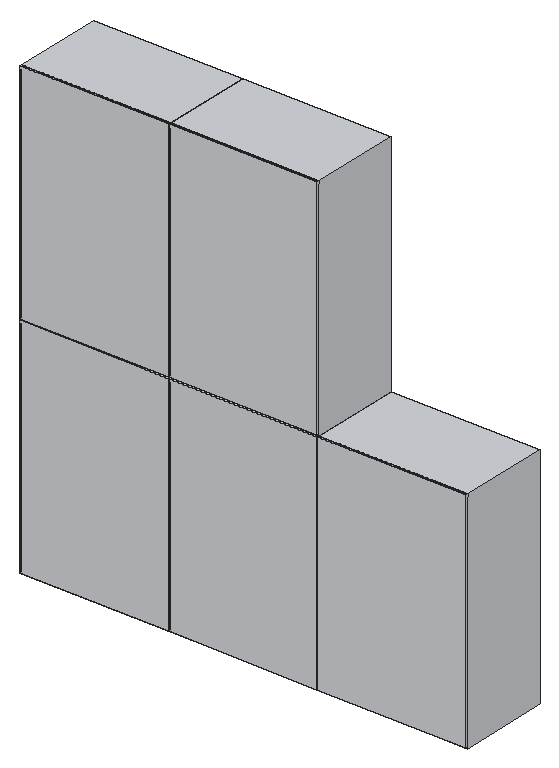
Revit family "LSN Configuration-D", category Electrical Equipment, host Face, Revit 2021 (continued)
Definition of nested family "LSN-1"
  Definition of nested family "Door"
    Lines and regions (in)
      model lines
        curve 475: line (-5.25396, -0.5, 38.43688) -> (-5.50396, -0.5, 38.43688)
        curve 476: line (-5.25396, -0.5, 41.43688) -> (-5.25396, -0.5, 38.43688)
        curve 477: line (-4.93764, -0.5, 41.43688) -> (-4.68764, -0.5, 41.43688)
        curve 478: line (-4.93764, -0.5, 38.43688) -> (-4.93764, -0.5, 41.43688)
        curve 479: line (-4.68764, -0.5, 38.43688) -> (-4.93764, -0.5, 38.43688)
        curve 480: line (-4.68764, -0.5, 41.43688) -> (-4.68764, -0.5, 38.43688)
        curve 481: line (-4.37131, -0.5, 41.43688) -> (-4.12131, -0.5, 41.43688)
        curve 482: line (-4.37131, -0.5, 38.43688) -> (-4.37131, -0.5, 41.43688)
        curve 483: line (-4.12131, -0.5, 38.43688) -> (-4.37131, -0.5, 38.43688)
        curve 484: line (-4.12131, -0.5, 41.43688) -> (-4.12131, -0.5, 38.43688)
        curve 485: line (-3.80498, -0.5, 41.43688) -> (-3.55498, -0.5, 41.43688)
        curve 486: line (-3.80498, -0.5, 38.43688) -> (-3.80498, -0.5, 41.43688)
        curve 487: line (-3.55498, -0.5, 38.43688) -> (-3.80498, -0.5, 38.43688)
        curve 488: line (-3.55498, -0.5, 41.43688) -> (-3.55498, -0.5, 38.43688)
        curve 489: line (-3.23866, -0.5, 41.43688) -> (-2.98866, -0.5, 41.43688)
        curve 490: line (-3.23866, -0.5, 38.43688) -> (-3.23866, -0.5, 41.43688)
        curve 491: line (-2.98866, -0.5, 38.43688) -> (-3.23866, -0.5, 38.43688)
        curve 492: line (-2.98866, -0.5, 41.43688) -> (-2.98866, -0.5, 38.43688)
        curve 493: line (-2.67233, -0.5, 41.43688) -> (-2.42233, -0.5, 41.43688)
        curve 494: line (-2.67233, -0.5, 38.43688) -> (-2.67233, -0.5, 41.43688)
        curve 495: line (-2.42233, -0.5, 38.43688) -> (-2.67233, -0.5, 38.43688)
        curve 496: line (-2.42233, -0.5, 41.43688) -> (-2.42233, -0.5, 38.43688)
        curve 497: line (-2.106, -0.5, 41.43688) -> (-1.856, -0.5, 41.43688)
        curve 498: line (-2.106, -0.5, 38.43688) -> (-2.106, -0.5, 41.43688)
        curve 499: line (-1.856, -0.5, 38.43688) -> (-2.106, -0.5, 38.43688)
        curve 500: line (-1.856, -0.5, 41.43688) -> (-1.856, -0.5, 38.43688)
        curve 501: line (-1.53968, -0.5, 41.43688) -> (-1.28968, -0.5, 41.43688)
        curve 502: line (-1.53968, -0.5, 38.43688) -> (-1.53968, -0.5, 41.43688)
        curve 503: line (-1.28968, -0.5, 38.43688) -> (-1.53968, -0.5, 38.43688)
        curve 504: line (-1.28968, -0.5, 41.43688) -> (-1.28968, -0.5, 38.43688)
        curve 505: line (-0.97335, -0.5, 41.43688) -> (-0.72335, -0.5, 41.43688)
        curve 506: line (-0.97335, -0.5, 38.43688) -> (-0.97335, -0.5, 41.43688)
        curve 507: line (-0.72335, -0.5, 38.43688) -> (-0.97335, -0.5, 38.43688)
        curve 508: line (-0.72335, -0.5, 41.43688) -> (-0.72335, -0.5, 38.43688)
        curve 509: line (-0.40702, -0.5, 41.43688) -> (-0.15702, -0.5, 41.43688)
        curve 510: line (-0.40702, -0.5, 38.43688) -> (-0.40702, -0.5, 41.43688)
        curve 511: line (-0.15702, -0.5, 38.43688) -> (-0.40702, -0.5, 38.43688)
        curve 512: line (-0.15702, -0.5, 41.43688) -> (-0.15702, -0.5, 38.43688)
        curve 513: line (0.1593, -0.5, 41.43688) -> (0.4093, -0.5, 41.43688)
        curve 514: line (0.1593, -0.5, 38.43688) -> (0.1593, -0.5, 41.43688)
        curve 515: line (0.4093, -0.5, 38.43688) -> (0.1593, -0.5, 38.43688)
        curve 516: line (0.4093, -0.5, 41.43688) -> (0.4093, -0.5, 38.43688)
        curve 517: line (0.72563, -0.5, 41.43688) -> (0.97563, -0.5, 41.43688)
        curve 518: line (0.72563, -0.5, 38.43688) -> (0.72563, -0.5, 41.43688)
        curve 519: line (0.97563, -0.5, 38.43688) -> (0.72563, -0.5, 38.43688)
        curve 520: line (0.97563, -0.5, 41.43688) -> (0.97563, -0.5, 38.43688)
        curve 521: line (1.29196, -0.5, 41.43688) -> (1.54196, -0.5, 41.43688)
        curve 522: line (1.29196, -0.5, 38.43688) -> (1.29196, -0.5, 41.43688)
        curve 523: line (1.54196, -0.5, 38.43688) -> (1.29196, -0.5, 38.43688)
        curve 524: line (1.54196, -0.5, 41.43688) -> (1.54196, -0.5, 38.43688)
        curve 525: line (1.85828, -0.5, 41.43688) -> (2.10828, -0.5, 41.43688)
        curve 526: line (1.85828, -0.5, 38.43688) -> (1.85828, -0.5, 41.43688)
        curve 527: line (2.10828, -0.5, 38.43688) -> (1.85828, -0.5, 38.43688)
        curve 528: line (2.10828, -0.5, 41.43688) -> (2.10828, -0.5, 38.43688)
        curve 529: line (2.42461, -0.5, 41.43688) -> (2.67461, -0.5, 41.43688)
        curve 530: line (2.42461, -0.5, 38.43688) -> (2.42461, -0.5, 41.43688)
        curve 531: line (2.67461, -0.5, 38.43688) -> (2.42461, -0.5, 38.43688)
        curve 532: line (2.67461, -0.5, 41.43688) -> (2.67461, -0.5, 38.43688)
        curve 533: line (2.99094, -0.5, 41.43688) -> (3.24094, -0.5, 41.43688)
        curve 534: line (2.99094, -0.5, 38.43688) -> (2.99094, -0.5, 41.43688)
        curve 535: line (3.24094, -0.5, 38.43688) -> (2.99094, -0.5, 38.43688)
        curve 536: line (3.24094, -0.5, 41.43688) -> (3.24094, -0.5, 38.43688)
        curve 537: line (3.55726, -0.5, 41.43688) -> (3.80726, -0.5, 41.43688)
        curve 538: line (3.55726, -0.5, 38.43688) -> (3.55726, -0.5, 41.43688)
        curve 539: line (3.80726, -0.5, 38.43688) -> (3.55726, -0.5, 38.43688)
        curve 540: line (3.80726, -0.5, 41.43688) -> (3.80726, -0.5, 38.43688)
        curve 541: line (4.12359, -0.5, 41.43688) -> (4.37359, -0.5, 41.43688)
        curve 542: line (4.12359, -0.5, 38.43688) -> (4.12359, -0.5, 41.43688)
        curve 543: line (4.37359, -0.5, 38.43688) -> (4.12359, -0.5, 38.43688)
        curve 544: line (4.37359, -0.5, 41.43688) -> (4.37359, -0.5, 38.43688)
        curve 545: line (4.68992, -0.5, 41.43688) -> (4.93992, -0.5, 41.43688)
        curve 546: line (4.68992, -0.5, 38.43688) -> (4.68992, -0.5, 41.43688)
        curve 547: line (4.93992, -0.5, 38.43688) -> (4.68992, -0.5, 38.43688)
        curve 548: line (4.93992, -0.5, 41.43688) -> (4.93992, -0.5, 38.43688)
        curve 549: line (5.25624, -0.5, 41.43688) -> (5.50624, -0.5, 41.43688)
        curve 550: line (5.25624, -0.5, 38.43688) -> (5.25624, -0.5, 41.43688)
        curve 551: line (5.50624, -0.5, 38.43688) -> (5.25624, -0.5, 38.43688)
        curve 552: line (5.50624, -0.5, 41.43688) -> (5.50624, -0.5, 38.43688)
        curve 553: line (5.82257, -0.5, 41.43688) -> (6.07257, -0.5, 41.43688)
        curve 554: line (5.82257, -0.5, 38.43688) -> (5.82257, -0.5, 41.43688)
        curve 555: line (6.07257, -0.5, 38.43688) -> (5.82257, -0.5, 38.43688)
        curve 556: line (6.07257, -0.5, 41.43688) -> (6.07257, -0.5, 38.43688)
        curve 557: line (6.3889, -0.5, 41.43688) -> (6.6389, -0.5, 41.43688)
        curve 558: line (6.3889, -0.5, 38.43688) -> (6.3889, -0.5, 41.43688)
        curve 559: line (6.6389, -0.5, 38.43688) -> (6.3889, -0.5, 38.43688)
        curve 560: line (6.6389, -0.5, 41.43688) -> (6.6389, -0.5, 38.43688)
        curve 561: line (6.95522, -0.5, 41.43688) -> (7.20522, -0.5, 41.43688)
        curve 562: line (6.95522, -0.5, 38.43688) -> (6.95522, -0.5, 41.43688)
        curve 563: line (7.20522, -0.5, 38.43688) -> (6.95522, -0.5, 38.43688)
        curve 564: line (7.20522, -0.5, 41.43688) -> (7.20522, -0.5, 38.43688)
        curve 565: line (7.52155, -0.5, 41.43688) -> (7.77155, -0.5, 41.43688)
        curve 566: line (7.52155, -0.5, 38.43688) -> (7.52155, -0.5, 41.43688)
        curve 567: line (7.77155, -0.5, 38.43688) -> (7.52155, -0.5, 38.43688)
        curve 568: line (7.77155, -0.5, 41.43688) -> (7.77155, -0.5, 38.43688)
        curve 569: line (8.08788, -0.5, 41.43688) -> (8.33788, -0.5, 41.43688)
        curve 570: line (8.08788, -0.5, 38.43688) -> (8.08788, -0.5, 41.43688)
        curve 571: line (8.33788, -0.5, 38.43688) -> (8.08788, -0.5, 38.43688)
        curve 572: line (8.33788, -0.5, 41.43688) -> (8.33788, -0.5, 38.43688)
        curve 573: line (8.6542, -0.5, 41.43688) -> (8.9042, -0.5, 41.43688)
        curve 574: line (8.6542, -0.5, 38.43688) -> (8.6542, -0.5, 41.43688)
        curve 575: line (8.9042, -0.5, 38.43688) -> (8.6542, -0.5, 38.43688)
        curve 576: line (8.9042, -0.5, 41.43688) -> (8.9042, -0.5, 38.43688)
        curve 577: line (9.22053, -0.5, 41.43688) -> (9.47053, -0.5, 41.43688)
        curve 578: line (9.22053, -0.5, 38.43688) -> (9.22053, -0.5, 41.43688)
        curve 579: line (9.47053, -0.5, 38.43688) -> (9.22053, -0.5, 38.43688)
        curve 580: line (9.47053, -0.5, 41.43688) -> (9.47053, -0.5, 38.43688)
        curve 581: line (9.78685, -0.5, 41.43688) -> (10.03685, -0.5, 41.43688)
        curve 582: line (9.78685, -0.5, 38.43688) -> (9.78685, -0.5, 41.43688)
        curve 583: line (10.03685, -0.5, 38.43688) -> (9.78685, -0.5, 38.43688)
        curve 584: line (10.03685, -0.5, 41.43688) -> (10.03685, -0.5, 38.43688)
        curve 585: line (10.35318, -0.5, 41.43688) -> (10.60318, -0.5, 41.43688)
        curve 586: line (10.35318, -0.5, 38.43688) -> (10.35318, -0.5, 41.43688)
        curve 587: line (10.60318, -0.5, 38.43688) -> (10.35318, -0.5, 38.43688)
        curve 588: line (10.60318, -0.5, 41.43688) -> (10.60318, -0.5, 38.43688)
        curve 589: line (10.91951, -0.5, 41.43688) -> (11.16951, -0.5, 41.43688)
        curve 590: line (10.91951, -0.5, 38.43688) -> (10.91951, -0.5, 41.43688)
        curve 591: line (11.16951, -0.5, 38.43688) -> (10.91951, -0.5, 38.43688)
        curve 592: line (11.16951, -0.5, 41.43688) -> (11.16951, -0.5, 38.43688)
        curve 593: line (11.48583, -0.5, 41.43688) -> (11.73583, -0.5, 41.43688)
        curve 594: line (11.48583, -0.5, 38.43688) -> (11.48583, -0.5, 41.43688)
        curve 595: line (11.73583, -0.5, 38.43688) -> (11.48583, -0.5, 38.43688)
        curve 596: line (11.73583, -0.5, 41.43688) -> (11.73583, -0.5, 38.43688)
        curve 597: line (12.05216, -0.5, 41.43688) -> (12.30216, -0.5, 41.43688)
        curve 598: line (12.05216, -0.5, 38.43688) -> (12.05216, -0.5, 41.43688)
        curve 599: line (12.30216, -0.5, 38.43688) -> (12.05216, -0.5, 38.43688)
        curve 600: line (12.30216, -0.5, 41.43688) -> (12.30216, -0.5, 38.43688)
        curve 601: line (12.61849, -0.5, 41.43688) -> (12.86849, -0.5, 41.43688)
        curve 602: line (12.61849, -0.5, 38.43688) -> (12.61849, -0.5, 41.43688)
        curve 603: line (12.86849, -0.5, 38.43688) -> (12.61849, -0.5, 38.43688)
        curve 604: line (12.86849, -0.5, 41.43688) -> (12.86849, -0.5, 38.43688)
        curve 605: line (13.18481, -0.5, 41.43688) -> (13.43481, -0.5, 41.43688)
        curve 606: line (13.18481, -0.5, 38.43688) -> (13.18481, -0.5, 41.43688)
        curve 607: line (13.43481, -0.5, 38.43688) -> (13.18481, -0.5, 38.43688)
        curve 608: line (13.43481, -0.5, 41.43688) -> (13.43481, -0.5, 38.43688)
        curve 609: line (-13.99886, -0.5, 44.81188) -> (-13.74886, -0.5, 44.81188)
        curve 610: line (-13.99886, -0.5, 41.81188) -> (-13.99886, -0.5, 44.81188)
        curve 611: line (-13.74886, -0.5, 41.81188) -> (-13.99886, -0.5, 41.81188)
        curve 612: line (-13.74886, -0.5, 44.81188) -> (-13.74886, -0.5, 41.81188)
        curve 613: line (13.75114, -0.5, 44.81188) -> (14.00114, -0.5, 44.81188)
        curve 614: line (13.75114, -0.5, 41.81188) -> (13.75114, -0.5, 44.81188)
        curve 615: line (14.00114, -0.5, 41.81188) -> (13.75114, -0.5, 41.81188)
        curve 616: line (14.00114, -0.5, 44.81188) -> (14.00114, -0.5, 41.81188)
        curve 617: line (-13.43253, -0.5, 44.81188) -> (-13.18253, -0.5, 44.81188)
        curve 618: line (-13.43253, -0.5, 41.81188) -> (-13.43253, -0.5, 44.81188)
        curve 619: line (-13.18253, -0.5, 41.81188) -> (-13.43253, -0.5, 41.81188)
        curve 620: line (-13.18253, -0.5, 44.81188) -> (-13.18253, -0.5, 41.81188)
        curve 621: line (-12.86621, -0.5, 44.81188) -> (-12.61621, -0.5, 44.81188)
        curve 622: line (-12.86621, -0.5, 41.81188) -> (-12.86621, -0.5, 44.81188)
        curve 623: line (-12.61621, -0.5, 41.81188) -> (-12.86621, -0.5, 41.81188)
        curve 624: line (-12.61621, -0.5, 44.81188) -> (-12.61621, -0.5, 41.81188)
        curve 625: line (-12.29988, -0.5, 44.81188) -> (-12.04988, -0.5, 44.81188)
        curve 626: line (-12.29988, -0.5, 41.81188) -> (-12.29988, -0.5, 44.81188)
        curve 627: line (-12.04988, -0.5, 41.81188) -> (-12.29988, -0.5, 41.81188)
        curve 628: line (-12.04988, -0.5, 44.81188) -> (-12.04988, -0.5, 41.81188)
        curve 629: line (-11.73355, -0.5, 44.81188) -> (-11.48355, -0.5, 44.81188)
        curve 630: line (-11.73355, -0.5, 41.81188) -> (-11.73355, -0.5, 44.81188)
        curve 631: line (-11.48355, -0.5, 41.81188) -> (-11.73355, -0.5, 41.81188)
        curve 632: line (-11.48355, -0.5, 44.81188) -> (-11.48355, -0.5, 41.81188)
        curve 633: line (-11.16723, -0.5, 44.81188) -> (-10.91723, -0.5, 44.81188)
        curve 634: line (-11.16723, -0.5, 41.81188) -> (-11.16723, -0.5, 44.81188)
        curve 635: line (-10.91723, -0.5, 41.81188) -> (-11.16723, -0.5, 41.81188)
        curve 636: line (-10.91723, -0.5, 44.81188) -> (-10.91723, -0.5, 41.81188)
        curve 637: line (-10.6009, -0.5, 44.81188) -> (-10.3509, -0.5, 44.81188)
        curve 638: line (-10.6009, -0.5, 41.81188) -> (-10.6009, -0.5, 44.81188)
        curve 639: line (-10.3509, -0.5, 41.81188) -> (-10.6009, -0.5, 41.81188)
        curve 640: line (-10.3509, -0.5, 44.81188) -> (-10.3509, -0.5, 41.81188)
        curve 641: line (-10.03457, -0.5, 44.81188) -> (-9.78457, -0.5, 44.81188)
        curve 642: line (-10.03457, -0.5, 41.81188) -> (-10.03457, -0.5, 44.81188)
        curve 643: line (-9.78457, -0.5, 41.81188) -> (-10.03457, -0.5, 41.81188)
        curve 644: line (-9.78457, -0.5, 44.81188) -> (-9.78457, -0.5, 41.81188)
        curve 645: line (-9.46825, -0.5, 44.81188) -> (-9.21825, -0.5, 44.81188)
        curve 646: line (-9.46825, -0.5, 41.81188) -> (-9.46825, -0.5, 44.81188)
        curve 647: line (-9.21825, -0.5, 41.81188) -> (-9.46825, -0.5, 41.81188)
        curve 648: line (-9.21825, -0.5, 44.81188) -> (-9.21825, -0.5, 41.81188)
        curve 649: line (-8.90192, -0.5, 44.81188) -> (-8.65192, -0.5, 44.81188)
        curve 650: line (-8.90192, -0.5, 41.81188) -> (-8.90192, -0.5, 44.81188)
        curve 651: line (-8.65192, -0.5, 41.81188) -> (-8.90192, -0.5, 41.81188)
        curve 652: line (-8.65192, -0.5, 44.81188) -> (-8.65192, -0.5, 41.81188)
        curve 653: line (-8.33559, -0.5, 44.81188) -> (-8.08559, -0.5, 44.81188)
        curve 654: line (-8.33559, -0.5, 41.81188) -> (-8.33559, -0.5, 44.81188)
        curve 655: line (-8.08559, -0.5, 41.81188) -> (-8.33559, -0.5, 41.81188)
        curve 656: line (-8.08559, -0.5, 44.81188) -> (-8.08559, -0.5, 41.81188)
        curve 657: line (-7.76927, -0.5, 44.81188) -> (-7.51927, -0.5, 44.81188)
        curve 658: line (-7.76927, -0.5, 41.81188) -> (-7.76927, -0.5, 44.81188)
        curve 659: line (-7.51927, -0.5, 41.81188) -> (-7.76927, -0.5, 41.81188)
        curve 660: line (-7.51927, -0.5, 44.81188) -> (-7.51927, -0.5, 41.81188)
        curve 661: line (-7.20294, -0.5, 44.81188) -> (-6.95294, -0.5, 44.81188)
        curve 662: line (-7.20294, -0.5, 41.81188) -> (-7.20294, -0.5, 44.81188)
        curve 663: line (-6.95294, -0.5, 41.81188) -> (-7.20294, -0.5, 41.81188)
        curve 664: line (-6.95294, -0.5, 44.81188) -> (-6.95294, -0.5, 41.81188)
        curve 665: line (-6.63661, -0.5, 44.81188) -> (-6.38661, -0.5, 44.81188)
        curve 666: line (-6.63661, -0.5, 41.81188) -> (-6.63661, -0.5, 44.81188)
        curve 667: line (-6.38661, -0.5, 41.81188) -> (-6.63661, -0.5, 41.81188)
        curve 668: line (-6.38661, -0.5, 44.81188) -> (-6.38661, -0.5, 41.81188)
        curve 669: line (-6.07029, -0.5, 44.81188) -> (-5.82029, -0.5, 44.81188)
        curve 670: line (-6.07029, -0.5, 41.81188) -> (-6.07029, -0.5, 44.81188)
        curve 671: line (-5.82029, -0.5, 41.81188) -> (-6.07029, -0.5, 41.81188)
        curve 672: line (-5.82029, -0.5, 44.81188) -> (-5.82029, -0.5, 41.81188)
        curve 673: line (-5.50396, -0.5, 44.81188) -> (-5.25396, -0.5, 44.81188)
        curve 674: line (-5.50396, -0.5, 41.81188) -> (-5.50396, -0.5, 44.81188)
        curve 675: line (-5.25396, -0.5, 41.81188) -> (-5.50396, -0.5, 41.81188)
        curve 676: line (-5.25396, -0.5, 44.81188) -> (-5.25396, -0.5, 41.81188)
        curve 677: line (-4.93764, -0.5, 44.81188) -> (-4.68764, -0.5, 44.81188)
        curve 678: line (-4.93764, -0.5, 41.81188) -> (-4.93764, -0.5, 44.81188)
        curve 679: line (-4.68764, -0.5, 41.81188) -> (-4.93764, -0.5, 41.81188)
        curve 680: line (-4.68764, -0.5, 44.81188) -> (-4.68764, -0.5, 41.81188)
        curve 681: line (-4.37131, -0.5, 44.81188) -> (-4.12131, -0.5, 44.81188)
        curve 682: line (-4.37131, -0.5, 41.81188) -> (-4.37131, -0.5, 44.81188)
        curve 683: line (-4.12131, -0.5, 41.81188) -> (-4.37131, -0.5, 41.81188)
        curve 684: line (-4.12131, -0.5, 44.81188) -> (-4.12131, -0.5, 41.81188)
        curve 685: line (-3.80498, -0.5, 44.81188) -> (-3.55498, -0.5, 44.81188)
        curve 686: line (-3.80498, -0.5, 41.81188) -> (-3.80498, -0.5, 44.81188)
        curve 687: line (-3.55498, -0.5, 41.81188) -> (-3.80498, -0.5, 41.81188)
        curve 688: line (-3.55498, -0.5, 44.81188) -> (-3.55498, -0.5, 41.81188)
        curve 689: line (-3.23866, -0.5, 44.81188) -> (-2.98866, -0.5, 44.81188)
        curve 690: line (-3.23866, -0.5, 41.81188) -> (-3.23866, -0.5, 44.81188)
        curve 691: line (-2.98866, -0.5, 41.81188) -> (-3.23866, -0.5, 41.81188)
        curve 692: line (-2.98866, -0.5, 44.81188) -> (-2.98866, -0.5, 41.81188)
        curve 693: line (-2.67233, -0.5, 44.81188) -> (-2.42233, -0.5, 44.81188)
        curve 694: line (-2.67233, -0.5, 41.81188) -> (-2.67233, -0.5, 44.81188)
        curve 695: line (-2.42233, -0.5, 41.81188) -> (-2.67233, -0.5, 41.81188)
        curve 696: line (-2.42233, -0.5, 44.81188) -> (-2.42233, -0.5, 41.81188)
        curve 697: line (-2.106, -0.5, 44.81188) -> (-1.856, -0.5, 44.81188)
        curve 698: line (-2.106, -0.5, 41.81188) -> (-2.106, -0.5, 44.81188)
        curve 699: line (-1.856, -0.5, 41.81188) -> (-2.106, -0.5, 41.81188)
        curve 700: line (-1.856, -0.5, 44.81188) -> (-1.856, -0.5, 41.81188)
        curve 701: line (-1.53968, -0.5, 44.81188) -> (-1.28968, -0.5, 44.81188)
        curve 702: line (-1.53968, -0.5, 41.81188) -> (-1.53968, -0.5, 44.81188)
        curve 703: line (-1.28968, -0.5, 41.81188) -> (-1.53968, -0.5, 41.81188)
        curve 704: line (-1.28968, -0.5, 44.81188) -> (-1.28968, -0.5, 41.81188)
        curve 705: line (-0.97335, -0.5, 44.81188) -> (-0.72335, -0.5, 44.81188)
        curve 706: line (-0.97335, -0.5, 41.81188) -> (-0.97335, -0.5, 44.81188)
        curve 707: line (-0.72335, -0.5, 41.81188) -> (-0.97335, -0.5, 41.81188)
        curve 708: line (-0.72335, -0.5, 44.81188) -> (-0.72335, -0.5, 41.81188)
        curve 709: line (-0.40702, -0.5, 44.81188) -> (-0.15702, -0.5, 44.81188)
        curve 710: line (-0.40702, -0.5, 41.81188) -> (-0.40702, -0.5, 44.81188)
        curve 711: line (-0.15702, -0.5, 41.81188) -> (-0.40702, -0.5, 41.81188)
        curve 712: line (-0.15702, -0.5, 44.81188) -> (-0.15702, -0.5, 41.81188)
        curve 713: line (0.1593, -0.5, 44.81188) -> (0.4093, -0.5, 44.81188)
        curve 714: line (0.1593, -0.5, 41.81188) -> (0.1593, -0.5, 44.81188)
        curve 715: line (0.4093, -0.5, 41.81188) -> (0.1593, -0.5, 41.81188)
        curve 716: line (0.4093, -0.5, 44.81188) -> (0.4093, -0.5, 41.81188)
        curve 717: line (0.72563, -0.5, 44.81188) -> (0.97563, -0.5, 44.81188)
        curve 718: line (0.72563, -0.5, 41.81188) -> (0.72563, -0.5, 44.81188)
        curve 719: line (0.97563, -0.5, 41.81188) -> (0.72563, -0.5, 41.81188)
        curve 720: line (0.97563, -0.5, 44.81188) -> (0.97563, -0.5, 41.81188)
        curve 721: line (1.29196, -0.5, 44.81188) -> (1.54196, -0.5, 44.81188)
        curve 722: line (1.29196, -0.5, 41.81188) -> (1.29196, -0.5, 44.81188)
        curve 723: line (1.54196, -0.5, 41.81188) -> (1.29196, -0.5, 41.81188)
        curve 724: line (1.54196, -0.5, 44.81188) -> (1.54196, -0.5, 41.81188)
        curve 725: line (1.85828, -0.5, 44.81188) -> (2.10828, -0.5, 44.81188)
        curve 726: line (1.85828, -0.5, 41.81188) -> (1.85828, -0.5, 44.81188)
        curve 727: line (2.10828, -0.5, 41.81188) -> (1.85828, -0.5, 41.81188)
        curve 728: line (2.10828, -0.5, 44.81188) -> (2.10828, -0.5, 41.81188)
        curve 729: line (2.42461, -0.5, 44.81188) -> (2.67461, -0.5, 44.81188)
        curve 730: line (2.42461, -0.5, 41.81188) -> (2.42461, -0.5, 44.81188)
        curve 731: line (2.67461, -0.5, 41.81188) -> (2.42461, -0.5, 41.81188)
        curve 732: line (2.67461, -0.5, 44.81188) -> (2.67461, -0.5, 41.81188)
        curve 733: line (2.99094, -0.5, 44.81188) -> (3.24094, -0.5, 44.81188)
        curve 734: line (2.99094, -0.5, 41.81188) -> (2.99094, -0.5, 44.81188)
        curve 735: line (3.24094, -0.5, 41.81188) -> (2.99094, -0.5, 41.81188)
        curve 736: line (3.24094, -0.5, 44.81188) -> (3.24094, -0.5, 41.81188)
        curve 737: line (3.55726, -0.5, 44.81188) -> (3.80726, -0.5, 44.81188)
        curve 738: line (3.55726, -0.5, 41.81188) -> (3.55726, -0.5, 44.81188)
        curve 739: line (3.80726, -0.5, 41.81188) -> (3.55726, -0.5, 41.81188)
        curve 740: line (3.80726, -0.5, 44.81188) -> (3.80726, -0.5, 41.81188)
        curve 741: line (4.12359, -0.5, 44.81188) -> (4.37359, -0.5, 44.81188)
        curve 742: line (4.12359, -0.5, 41.81188) -> (4.12359, -0.5, 44.81188)
        curve 743: line (4.37359, -0.5, 41.81188) -> (4.12359, -0.5, 41.81188)
        curve 744: line (4.37359, -0.5, 44.81188) -> (4.37359, -0.5, 41.81188)
        curve 745: line (4.68992, -0.5, 44.81188) -> (4.93992, -0.5, 44.81188)
        curve 746: line (4.68992, -0.5, 41.81188) -> (4.68992, -0.5, 44.81188)
        curve 747: line (4.93992, -0.5, 41.81188) -> (4.68992, -0.5, 41.81188)
        curve 748: line (4.93992, -0.5, 44.81188) -> (4.93992, -0.5, 41.81188)
        curve 749: line (5.25624, -0.5, 44.81188) -> (5.50624, -0.5, 44.81188)
        curve 750: line (5.25624, -0.5, 41.81188) -> (5.25624, -0.5, 44.81188)
        curve 751: line (5.50624, -0.5, 41.81188) -> (5.25624, -0.5, 41.81188)
        curve 752: line (5.50624, -0.5, 44.81188) -> (5.50624, -0.5, 41.81188)
        curve 753: line (5.82257, -0.5, 44.81188) -> (6.07257, -0.5, 44.81188)
        curve 754: line (5.82257, -0.5, 41.81188) -> (5.82257, -0.5, 44.81188)
        curve 755: line (6.07257, -0.5, 41.81188) -> (5.82257, -0.5, 41.81188)
        curve 756: line (6.07257, -0.5, 44.81188) -> (6.07257, -0.5, 41.81188)
        curve 757: line (6.3889, -0.5, 44.81188) -> (6.6389, -0.5, 44.81188)
        curve 758: line (6.3889, -0.5, 41.81188) -> (6.3889, -0.5, 44.81188)
        curve 759: line (6.6389, -0.5, 41.81188) -> (6.3889, -0.5, 41.81188)
        curve 760: line (6.6389, -0.5, 44.81188) -> (6.6389, -0.5, 41.81188)
        curve 761: line (6.95522, -0.5, 44.81188) -> (7.20522, -0.5, 44.81188)
        curve 762: line (6.95522, -0.5, 41.81188) -> (6.95522, -0.5, 44.81188)
        curve 763: line (7.20522, -0.5, 41.81188) -> (6.95522, -0.5, 41.81188)
        curve 764: line (7.20522, -0.5, 44.81188) -> (7.20522, -0.5, 41.81188)
        curve 765: line (7.52155, -0.5, 44.81188) -> (7.77155, -0.5, 44.81188)
        curve 766: line (7.52155, -0.5, 41.81188) -> (7.52155, -0.5, 44.81188)
        curve 767: line (7.77155, -0.5, 41.81188) -> (7.52155, -0.5, 41.81188)
        curve 768: line (7.77155, -0.5, 44.81188) -> (7.77155, -0.5, 41.81188)
        curve 769: line (8.08788, -0.5, 44.81188) -> (8.33788, -0.5, 44.81188)
        curve 770: line (8.08788, -0.5, 41.81188) -> (8.08788, -0.5, 44.81188)
        curve 771: line (8.33788, -0.5, 41.81188) -> (8.08788, -0.5, 41.81188)
        curve 772: line (8.33788, -0.5, 44.81188) -> (8.33788, -0.5, 41.81188)
        curve 773: line (8.6542, -0.5, 44.81188) -> (8.9042, -0.5, 44.81188)
        curve 774: line (8.6542, -0.5, 41.81188) -> (8.6542, -0.5, 44.81188)
        curve 775: line (8.9042, -0.5, 41.81188) -> (8.6542, -0.5, 41.81188)
        curve 776: line (8.9042, -0.5, 44.81188) -> (8.9042, -0.5, 41.81188)
        curve 777: line (9.22053, -0.5, 44.81188) -> (9.47053, -0.5, 44.81188)
        curve 778: line (9.22053, -0.5, 41.81188) -> (9.22053, -0.5, 44.81188)
        curve 779: line (9.47053, -0.5, 41.81188) -> (9.22053, -0.5, 41.81188)
        curve 780: line (9.47053, -0.5, 44.81188) -> (9.47053, -0.5, 41.81188)
        curve 781: line (9.78685, -0.5, 44.81188) -> (10.03685, -0.5, 44.81188)
        curve 782: line (9.78685, -0.5, 41.81188) -> (9.78685, -0.5, 44.81188)
        curve 783: line (10.03685, -0.5, 41.81188) -> (9.78685, -0.5, 41.81188)
        curve 784: line (10.03685, -0.5, 44.81188) -> (10.03685, -0.5, 41.81188)
        curve 785: line (10.35318, -0.5, 44.81188) -> (10.60318, -0.5, 44.81188)
        curve 786: line (10.35318, -0.5, 41.81188) -> (10.35318, -0.5, 44.81188)
        curve 787: line (10.60318, -0.5, 41.81188) -> (10.35318, -0.5, 41.81188)
        curve 788: line (10.60318, -0.5, 44.81188) -> (10.60318, -0.5, 41.81188)
        curve 789: line (10.91951, -0.5, 44.81188) -> (11.16951, -0.5, 44.81188)
        curve 790: line (10.91951, -0.5, 41.81188) -> (10.91951, -0.5, 44.81188)
        curve 791: line (11.16951, -0.5, 41.81188) -> (10.91951, -0.5, 41.81188)
        curve 792: line (11.16951, -0.5, 44.81188) -> (11.16951, -0.5, 41.81188)
        curve 793: line (11.48583, -0.5, 44.81188) -> (11.73583, -0.5, 44.81188)
        curve 794: line (11.48583, -0.5, 41.81188) -> (11.48583, -0.5, 44.81188)
        curve 795: line (11.73583, -0.5, 41.81188) -> (11.48583, -0.5, 41.81188)
        curve 796: line (11.73583, -0.5, 44.81188) -> (11.73583, -0.5, 41.81188)
        curve 797: line (12.05216, -0.5, 44.81188) -> (12.30216, -0.5, 44.81188)
        curve 798: line (12.05216, -0.5, 41.81188) -> (12.05216, -0.5, 44.81188)
        curve 799: line (12.30216, -0.5, 41.81188) -> (12.05216, -0.5, 41.81188)
        curve 800: line (12.30216, -0.5, 44.81188) -> (12.30216, -0.5, 41.81188)
        curve 801: line (12.61849, -0.5, 44.81188) -> (12.86849, -0.5, 44.81188)
        curve 802: line (12.61849, -0.5, 41.81188) -> (12.61849, -0.5, 44.81188)
        curve 803: line (12.86849, -0.5, 41.81188) -> (12.61849, -0.5, 41.81188)
        curve 804: line (12.86849, -0.5, 44.81188) -> (12.86849, -0.5, 41.81188)
        curve 805: line (13.18481, -0.5, 44.81188) -> (13.43481, -0.5, 44.81188)
        curve 806: line (13.18481, -0.5, 41.81188) -> (13.18481, -0.5, 44.81188)
        curve 807: line (13.43481, -0.5, 41.81188) -> (13.18481, -0.5, 41.81188)
        curve 808: line (13.43481, -0.5, 44.81188) -> (13.43481, -0.5, 41.81188)
    Dimensions and locks (in)
      equal spacing: plane 5, plane 3 "Center (Left/Right)", plane 4
      "Length": plane 5 to plane 4
      plane 1 "Center (Front/Back)" to plane 6 = 0.50"
      plane 7 to plane 6 = 0.10"
      "Height": plane 8 to level
      plane 8 to plane 10 = 0.50"
      plane 1 "Center (Front/Back)" to Extrusion 2 = 0.40"
      locked: plane 4 to plane 12 at 0.2
      locked: plane 11 to plane 5 at 0.2
      locked: plane 13 to plane 2 at 0.29688
      equal spacing: group 2, group 4, group 5, group 6, group 7, group 8, group 9, group 10, group 11, group 12, group 13, group 14, group 15, group 16, group 17, group 18, group 19, group 20, group 21, group 22, group 23, group 24, group 25, group 26, group 27, group 28, group 29, group 30, group 31, group 32, group 33, group 34, group 35, group 36, group 37, group 38, group 39, group 40, group 41, group 42, group 43, group 44, group 45, group 46, group 47, group 48, group 49, group 50, group 51, group 3  (x3)
      aligned and locked: plane 2 to level
      aligned and locked: Extrusion 1 sketch curve to plane 8
      aligned and locked: Extrusion 1 sketch curve to plane 6
      aligned and locked: plane 7 to Extrusion 1 sketch curve
      aligned and locked: plane 1 "Center (Front/Back)" to Extrusion 1 sketch curve
      aligned and locked: Extrusion 1 to plane 10
      aligned and locked: plane 9 to Extrusion 1
      aligned and locked: Extrusion 1 to plane 5
      aligned and locked: plane 4 to Extrusion 1
      aligned and locked: Extrusion 2 sketch curve to plane 11
      aligned and locked: plane 1 "Center (Front/Back)" to Extrusion 2 sketch curve
      aligned and locked: Extrusion 2 sketch curve to plane 12
      aligned and locked: plane 10 to Extrusion 2
      aligned and locked: Extrusion 2 to plane 9
      aligned and locked: Extrusion 2 sketch curve to plane 7  (x2)
    Automatic sketch dimensions
      curve 1 to plane 5 = 0.00"
      plane 6 to curve 2 = 0.00"
      plane 4 to curve 2 = 3.75"
      curve 1 to curve 1 = 1.75"
      Extrusion 3 sketch curve to Extrusion 3 sketch curve = 0.25"
      Extrusion 3 sketch curve to Extrusion 3 sketch curve = 3.00"
      Extrusion 1 sketch curve to plane 1 "Center (Front/Back)" = 0.00"
      Extrusion 1 sketch curve to plane 9 = 0.00"
      Extrusion 1 sketch curve to plane 10 = 0.00"
      curve 3 to curve 5 = 7.50"
      curve 7 to curve 3 = 4.46342"
      curve 6 to curve 4 = 1.26497"
      curve 4 to curve 6 = 13.50"
      Extrusion 2 sketch curve to plane 5 = 0.00"
      Extrusion 2 sketch curve to plane 4 = 0.00"
      plane 1 "Center (Front/Back)" to Extrusion 2 sketch curve = 0.00"
      curve 6 to plane 3 "Center (Left/Right)" = 0.00"
      plane 11 to curve 7 = 1.96352"
      curve 7 to plane 10 = 21.11695"
      plane 12 to curve 3 = 1.30"
      level to Extrusion 1 sketch curve = 0.29688"
      radius of curve 6 = 0.50"
      radius of curve 7 = 0.50"
